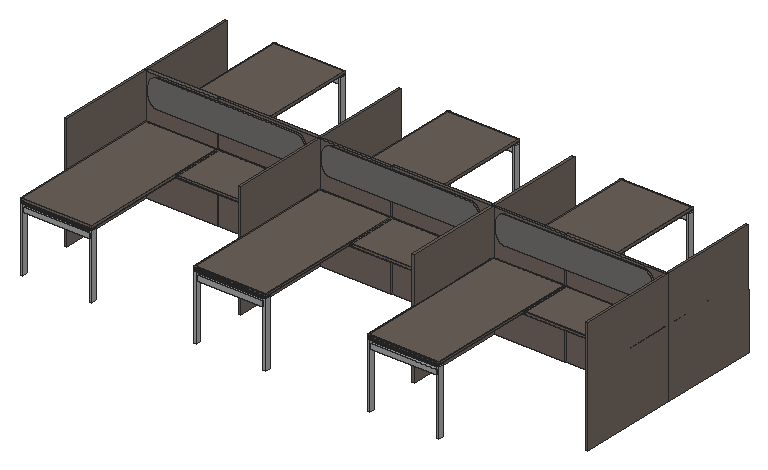
Revit family "T200179L", category Furniture, Revit 2015
Parameters (values of type "T200179")
  URL = "https://ofs.com/"
  Staks Support H Leg = STACKS PAINT
  Staks Spine or Divider Wall = STAKS SURFACE LG
  Staks Rectangular Worksurface = STAKS SURFACE EDGE
  Staks Rectangular Surface = STAKS SURFACE LG
  Staks Fabric Tackboard = STAKS FABRIC TACKBOARD
  Model = "T200179"
  Manufacturer = "OFS"
  Description = "OFS TYPICAL T200179"
  Copyright © = "©OFS 2020"
  Catalog = ""
  Authoring Version = "Autodesk Revit Architecture 2015"
  Assembly Code = "E2020400"
Reference planes (m)
  plane 1 "Center Front/Back": y = 0
  plane 2: z = 0
  plane 3 "Center Left/Right": x = 0
Dimensions and locks (m)
  aligned and locked: level to plane 2
Nested families (m)
  nested 1: "STAKS SUPPORT H LEG" at (-1.526906, -1.135429, 0) x (0, 1, 0) z (0, 0, 1), type "STAKS SUPPORT H LEG 30"
  nested 2: "STAKS RECTANGULAR WORKSURFACES Long Grain" at (0.179192, -0.508984, 0) x (-1, 0, 0) z (0, 0, 1), type "STAKS RECTANGULAR WORKSURFACE 42 x 22"
    with Height Above Floor 0.7366 m
  nested 3: "STAKS RECTANGULAR WORKSURFACES Worksurface Height" at (-1.887814, -1.771825, 0) x (0, 1, 0) z (0, 0, 1), type "STAKS RECTANGULAR WORKSURFACE 66 x 30"
  nested 4: "STAKS WORKSURFACE HEIGHT PEDESTAL - BOX-BOX-FILE - NO RISER SUPPORT" at (-0.744938, -0.471342, 0), type "STAKS WORKSURFACE HEIGHT PEDESTAL - BOX-BOX-FILE - NO RISER SUPPORT 19in D"
  nested 5: "STAKS SPINE OR DIVIDER WALL 48in" at (-2.032947, 0.168366, 0), type "STAKS SPINE OR DIVIDER WALL 48in X 30in"
    with Height Above Floor 1.2192 m
  nested 6: "STAKS SPINE OR DIVIDER WALL 48in" at (0.179422, 0.174148, 0) x (-1, 0, 0) z (0, 0, 1), type "STAKS SPINE OR DIVIDER WALL 48in X 42in"
    with Height Above Floor 1.2192 m
  nested 7: "STAKS SPINE OR DIVIDER WALL 48in" at (-1.913025, -1.149483, 0) x (0, 1, 0) z (0, 0, 1), type "STAKS SPINE OR DIVIDER WALL 48in X 42in"
    with Height Above Floor 1.2192 m
  nested 8: "STAKS BENCHING 4 X 4 CLAMP PLATE" at (-0.660127, -0.124655, 0), type "STAKS BENCHING 4 X 4 CLAMP PLATE"
  nested 9: "STAKS BENCHING 4 X 4 CLAMP PLATE" at (-0.660127, -0.344733, 0), type "STAKS BENCHING 4 X 4 CLAMP PLATE"
  nested 10: "STAKS BENCHING CANTILEVER WORKSURFACE BRACKET - OPEN" at (-0.450143, 0.023218, 0), type "CANTILEVER WORKSURFACE BRACKET - OPEN 22in"
  nested 11: "STAKS BENCHING CANTILEVER WORKSURFACE BRACKET - OPEN" at (-1.768206, -0.362313, 0) x (0, 1, 0) z (0, 0, 1), type "CANTILEVER WORKSURFACE BRACKET - OPEN 30in"
  nested 12: "STAKS SPINE OR DIVIDER WALL 48in" at (-0.059275, -1.149483, 0) x (0, 1, 0) z (0, 0, 1), type "STAKS SPINE OR DIVIDER WALL 48in X 42in"
    with Height Above Floor 1.2192 m
  nested 13: "STAKS BENCHING CANTILEVER WORKSURFACE BRACKET - MINI CONCEALED" at (-0.958511, 0.023218, 0), type "STAKS CANTILEVER WORKSURFACE BRACKET - MINI CONCEALED"
  nested 14: "STAKS BENCHING CANTILEVER WORKSURFACE BRACKET - MINI CONCEALED" at (-1.768206, 0.343949, 0) x (0, 1, 0) z (0, 0, 1), type "STAKS CANTILEVER WORKSURFACE BRACKET - MINI CONCEALED"
  nested 15: "STAKS SUPPORT H LEG" at (-1.526906, 1.353857, 0) x (0, -1, 0) z (0, 0, 1), type "STAKS SUPPORT H LEG 30"
  nested 16: "STAKS RECTANGULAR WORKSURFACES Long Grain" at (0.179192, 0.727412, 0) x (-1, 0, 0) z (0, 0, 1), type "STAKS RECTANGULAR WORKSURFACE 42 x 22"
    with Height Above Floor 0.7366 m
  nested 17: "STAKS RECTANGULAR WORKSURFACES Worksurface Height" at (-1.887814, 1.990253, 0) x (0, -1, 0) z (0, 0, 1), type "STAKS RECTANGULAR WORKSURFACE 66 x 30"
  nested 18: "STAKS WORKSURFACE HEIGHT PEDESTAL - BOX-BOX-FILE - NO RISER SUPPORT" at (-0.744938, 0.68977, 0), type "STAKS WORKSURFACE HEIGHT PEDESTAL - BOX-BOX-FILE - NO RISER SUPPORT 19in D"
  nested 19: "STAKS SPINE OR DIVIDER WALL 48in" at (-1.913025, 1.367911, 0) x (0, -1, 0) z (0, 0, 1), type "STAKS SPINE OR DIVIDER WALL 48in X 42in"
    with Height Above Floor 1.2192 m
  nested 20: "STAKS BENCHING 4 X 4 CLAMP PLATE" at (-0.660127, 0.343083, 0), type "STAKS BENCHING 4 X 4 CLAMP PLATE"
  nested 21: "STAKS BENCHING 4 X 4 CLAMP PLATE" at (-0.660127, 0.563161, 0), type "STAKS BENCHING 4 X 4 CLAMP PLATE"
  nested 22: "STAKS BENCHING CANTILEVER WORKSURFACE BRACKET - OPEN" at (-0.40614, 0.19521, 0), type "CANTILEVER WORKSURFACE BRACKET - OPEN 22in"
  nested 23: "STAKS BENCHING CANTILEVER WORKSURFACE BRACKET - OPEN" at (-1.768206, 0.580741, 0) x (0, -1, 0) z (0, 0, 1), type "CANTILEVER WORKSURFACE BRACKET - OPEN 30in"
  nested 24: "STAKS SPINE OR DIVIDER WALL 48in" at (-0.059275, 1.367911, 0) x (0, -1, 0) z (0, 0, 1), type "STAKS SPINE OR DIVIDER WALL 48in X 42in"
    with Height Above Floor 1.2192 m
  nested 25: "STAKS BENCHING CANTILEVER WORKSURFACE BRACKET - MINI CONCEALED" at (-0.958511, 0.19521, 0), type "STAKS CANTILEVER WORKSURFACE BRACKET - MINI CONCEALED"
  nested 26: "STAKS BENCHING CANTILEVER WORKSURFACE BRACKET - MINI CONCEALED" at (-1.768206, -0.125521, 0) x (0, -1, 0) z (0, 0, 1), type "STAKS CANTILEVER WORKSURFACE BRACKET - MINI CONCEALED"
  nested 27: "STAKS SUPPORT H LEG" at (0.326844, -1.135429, 0) x (0, 1, 0) z (0, 0, 1), type "STAKS SUPPORT H LEG 30"
  nested 28: "STAKS RECTANGULAR WORKSURFACES Long Grain" at (2.032942, -0.508984, 0) x (-1, 0, 0) z (0, 0, 1), type "STAKS RECTANGULAR WORKSURFACE 42 x 22"
    with Height Above Floor 0.7366 m
  nested 29: "STAKS RECTANGULAR WORKSURFACES Worksurface Height" at (-0.034064, -1.771825, 0) x (0, 1, 0) z (0, 0, 1), type "STAKS RECTANGULAR WORKSURFACE 66 x 30"
  nested 30: "STAKS WORKSURFACE HEIGHT PEDESTAL - BOX-BOX-FILE - NO RISER SUPPORT" at (1.108812, -0.471342, 0), type "STAKS WORKSURFACE HEIGHT PEDESTAL - BOX-BOX-FILE - NO RISER SUPPORT 19in D"
  nested 31: "STAKS SPINE OR DIVIDER WALL 48in" at (-0.179197, 0.168366, 0), type "STAKS SPINE OR DIVIDER WALL 48in X 30in"
    with Height Above Floor 1.2192 m
  nested 32: "STAKS SPINE OR DIVIDER WALL 48in" at (2.033172, 0.174148, 0) x (-1, 0, 0) z (0, 0, 1), type "STAKS SPINE OR DIVIDER WALL 48in X 42in"
    with Height Above Floor 1.2192 m
  nested 33: "STAKS BENCHING 4 X 4 CLAMP PLATE" at (1.193623, -0.124655, 0), type "STAKS BENCHING 4 X 4 CLAMP PLATE"
  nested 34: "STAKS BENCHING 4 X 4 CLAMP PLATE" at (1.193623, -0.344733, 0), type "STAKS BENCHING 4 X 4 CLAMP PLATE"
  nested 35: "STAKS BENCHING CANTILEVER WORKSURFACE BRACKET - OPEN" at (1.576107, 0.023218, 0), type "CANTILEVER WORKSURFACE BRACKET - OPEN 22in"
  nested 36: "STAKS BENCHING CANTILEVER WORKSURFACE BRACKET - OPEN" at (0.085544, -0.362313, 0) x (0, 1, 0) z (0, 0, 1), type "CANTILEVER WORKSURFACE BRACKET - OPEN 30in"
  nested 37: "STAKS SPINE OR DIVIDER WALL 48in" at (1.794475, -1.149483, 0) x (0, 1, 0) z (0, 0, 1), type "STAKS SPINE OR DIVIDER WALL 48in X 42in"
    with Height Above Floor 1.2192 m
  nested 38: "STAKS BENCHING CANTILEVER WORKSURFACE BRACKET - MINI CONCEALED" at (0.895239, 0.023218, 0), type "STAKS CANTILEVER WORKSURFACE BRACKET - MINI CONCEALED"
  nested 39: "STAKS BENCHING CANTILEVER WORKSURFACE BRACKET - MINI CONCEALED" at (0.085544, 0.343949, 0) x (0, 1, 0) z (0, 0, 1), type "STAKS CANTILEVER WORKSURFACE BRACKET - MINI CONCEALED"
  nested 40: "STAKS SUPPORT H LEG" at (0.326844, 1.353857, 0) x (0, -1, 0) z (0, 0, 1), type "STAKS SUPPORT H LEG 30"
  nested 41: "STAKS RECTANGULAR WORKSURFACES Long Grain" at (2.032942, 0.727412, 0) x (-1, 0, 0) z (0, 0, 1), type "STAKS RECTANGULAR WORKSURFACE 42 x 22"
    with Height Above Floor 0.7366 m
  nested 42: "STAKS RECTANGULAR WORKSURFACES Worksurface Height" at (-0.034064, 1.990253, 0) x (0, -1, 0) z (0, 0, 1), type "STAKS RECTANGULAR WORKSURFACE 66 x 30"
  nested 43: "STAKS WORKSURFACE HEIGHT PEDESTAL - BOX-BOX-FILE - NO RISER SUPPORT" at (1.108812, 0.68977, 0), type "STAKS WORKSURFACE HEIGHT PEDESTAL - BOX-BOX-FILE - NO RISER SUPPORT 19in D"
  nested 44: "STAKS BENCHING 4 X 4 CLAMP PLATE" at (1.193623, 0.343083, 0), type "STAKS BENCHING 4 X 4 CLAMP PLATE"
  nested 45: "STAKS BENCHING 4 X 4 CLAMP PLATE" at (1.193623, 0.563161, 0), type "STAKS BENCHING 4 X 4 CLAMP PLATE"
  nested 46: "STAKS BENCHING CANTILEVER WORKSURFACE BRACKET - OPEN" at (1.438312, 0.19521, -0.003175), type "CANTILEVER WORKSURFACE BRACKET - OPEN 22in"
  nested 47: "STAKS BENCHING CANTILEVER WORKSURFACE BRACKET - OPEN" at (0.085544, 0.580741, 0) x (0, -1, 0) z (0, 0, 1), type "CANTILEVER WORKSURFACE BRACKET - OPEN 30in"
  nested 48: "STAKS SPINE OR DIVIDER WALL 48in" at (1.794475, 1.367911, 0) x (0, -1, 0) z (0, 0, 1), type "STAKS SPINE OR DIVIDER WALL 48in X 42in"
    with Height Above Floor 1.2192 m
  nested 49: "STAKS BENCHING CANTILEVER WORKSURFACE BRACKET - MINI CONCEALED" at (0.895239, 0.19521, 0), type "STAKS CANTILEVER WORKSURFACE BRACKET - MINI CONCEALED"
  nested 50: "STAKS BENCHING CANTILEVER WORKSURFACE BRACKET - MINI CONCEALED" at (0.085544, -0.125521, 0) x (0, -1, 0) z (0, 0, 1), type "STAKS CANTILEVER WORKSURFACE BRACKET - MINI CONCEALED"
  nested 51: "STAKS FABRIC TACKBOARD WITH ROUNDED CORNERS FOR SPINE OR DIVIDER WALL" at (-1.995036, 0.138233, 0.142578), type "STAKS FABRIC TACKBOARD WITH ROUNDED CORNERS FOR SPINE OR DIVIDER WALL 18H x 49-73.9375W."
    with Height Above Floor 1.0541 m
  nested 52: "STAKS FABRIC TACKBOARD WITH ROUNDED CORNERS FOR SPINE OR DIVIDER WALL" at (-1.935919, 0.080195, 0.142578), type "STAKS FABRIC TACKBOARD WITH ROUNDED CORNERS FOR SPINE OR DIVIDER WALL 18H x 49-73.9375W."
    with Height Above Floor 1.0541 m
  nested 53: "STAKS FABRIC TACKBOARD WITH ROUNDED CORNERS FOR SPINE OR DIVIDER WALL" at (-0.14191, 0.138233, 0.142578), type "STAKS FABRIC TACKBOARD WITH ROUNDED CORNERS FOR SPINE OR DIVIDER WALL 18H x 49-73.9375W."
    with Height Above Floor 1.0541 m
  nested 54: "STAKS FABRIC TACKBOARD WITH ROUNDED CORNERS FOR SPINE OR DIVIDER WALL" at (-0.09691, 0.080195, 0.142578), type "STAKS FABRIC TACKBOARD WITH ROUNDED CORNERS FOR SPINE OR DIVIDER WALL 18H x 49-73.9375W."
    with Height Above Floor 1.0541 m
  nested 55: "STAKS SUPPORT H LEG" at (2.180594, -1.135429, 0) x (0, 1, 0) z (0, 0, 1), type "STAKS SUPPORT H LEG 30"
  nested 56: "STAKS RECTANGULAR WORKSURFACES Long Grain" at (3.886692, -0.508984, 0) x (-1, 0, 0) z (0, 0, 1), type "STAKS RECTANGULAR WORKSURFACE 42 x 22"
    with Height Above Floor 0.7366 m
  nested 57: "STAKS RECTANGULAR WORKSURFACES Worksurface Height" at (1.819686, -1.771825, 0) x (0, 1, 0) z (0, 0, 1), type "STAKS RECTANGULAR WORKSURFACE 66 x 30"
  nested 58: "STAKS WORKSURFACE HEIGHT PEDESTAL - BOX-BOX-FILE - NO RISER SUPPORT" at (2.962562, -0.471342, 0), type "STAKS WORKSURFACE HEIGHT PEDESTAL - BOX-BOX-FILE - NO RISER SUPPORT 19in D"
  nested 59: "STAKS SPINE OR DIVIDER WALL 48in" at (1.674553, 0.168366, 0), type "STAKS SPINE OR DIVIDER WALL 48in X 30in"
    with Height Above Floor 1.2192 m
  nested 60: "STAKS SPINE OR DIVIDER WALL 48in" at (3.886922, 0.174148, 0) x (-1, 0, 0) z (0, 0, 1), type "STAKS SPINE OR DIVIDER WALL 48in X 42in"
    with Height Above Floor 1.2192 m
  nested 61: "STAKS BENCHING 4 X 4 CLAMP PLATE" at (3.047373, -0.124655, 0), type "STAKS BENCHING 4 X 4 CLAMP PLATE"
  nested 62: "STAKS BENCHING 4 X 4 CLAMP PLATE" at (3.047373, -0.344733, 0), type "STAKS BENCHING 4 X 4 CLAMP PLATE"
  nested 63: "STAKS BENCHING CANTILEVER WORKSURFACE BRACKET - OPEN" at (3.429857, 0.023218, 0), type "CANTILEVER WORKSURFACE BRACKET - OPEN 22in"
  nested 64: "STAKS BENCHING CANTILEVER WORKSURFACE BRACKET - OPEN" at (1.939294, -0.362313, 0) x (0, 1, 0) z (0, 0, 1), type "CANTILEVER WORKSURFACE BRACKET - OPEN 30in"
  nested 65: "STAKS SPINE OR DIVIDER WALL 48in" at (3.648225, -1.149483, 0) x (0, 1, 0) z (0, 0, 1), type "STAKS SPINE OR DIVIDER WALL 48in X 42in"
    with Height Above Floor 1.2192 m
  nested 66: "STAKS BENCHING CANTILEVER WORKSURFACE BRACKET - MINI CONCEALED" at (2.748989, 0.023218, 0), type "STAKS CANTILEVER WORKSURFACE BRACKET - MINI CONCEALED"
  nested 67: "STAKS BENCHING CANTILEVER WORKSURFACE BRACKET - MINI CONCEALED" at (1.939294, 0.343949, 0) x (0, 1, 0) z (0, 0, 1), type "STAKS CANTILEVER WORKSURFACE BRACKET - MINI CONCEALED"
  nested 68: "STAKS SUPPORT H LEG" at (2.180594, 1.353857, 0) x (0, -1, 0) z (0, 0, 1), type "STAKS SUPPORT H LEG 30"
  nested 69: "STAKS RECTANGULAR WORKSURFACES Long Grain" at (3.886692, 0.727412, 0) x (-1, 0, 0) z (0, 0, 1), type "STAKS RECTANGULAR WORKSURFACE 42 x 22"
    with Height Above Floor 0.7366 m
  nested 70: "STAKS RECTANGULAR WORKSURFACES Worksurface Height" at (1.819686, 1.990253, 0) x (0, -1, 0) z (0, 0, 1), type "STAKS RECTANGULAR WORKSURFACE 66 x 30"
  nested 71: "STAKS WORKSURFACE HEIGHT PEDESTAL - BOX-BOX-FILE - NO RISER SUPPORT" at (2.962562, 0.68977, 0), type "STAKS WORKSURFACE HEIGHT PEDESTAL - BOX-BOX-FILE - NO RISER SUPPORT 19in D"
  nested 72: "STAKS BENCHING 4 X 4 CLAMP PLATE" at (3.047373, 0.343083, 0), type "STAKS BENCHING 4 X 4 CLAMP PLATE"
  nested 73: "STAKS BENCHING 4 X 4 CLAMP PLATE" at (3.047373, 0.563161, 0), type "STAKS BENCHING 4 X 4 CLAMP PLATE"
  nested 74: "STAKS BENCHING CANTILEVER WORKSURFACE BRACKET - OPEN" at (3.293448, 0.19521, -0.003359), type "CANTILEVER WORKSURFACE BRACKET - OPEN 22in"
  nested 75: "STAKS BENCHING CANTILEVER WORKSURFACE BRACKET - OPEN" at (1.939294, 0.580741, 0) x (0, -1, 0) z (0, 0, 1), type "CANTILEVER WORKSURFACE BRACKET - OPEN 30in"
  nested 76: "STAKS SPINE OR DIVIDER WALL 48in" at (3.648225, 1.367911, 0) x (0, -1, 0) z (0, 0, 1), type "STAKS SPINE OR DIVIDER WALL 48in X 42in"
    with Height Above Floor 1.2192 m
  nested 77: "STAKS BENCHING CANTILEVER WORKSURFACE BRACKET - MINI CONCEALED" at (2.748989, 0.19521, 0), type "STAKS CANTILEVER WORKSURFACE BRACKET - MINI CONCEALED"
  nested 78: "STAKS BENCHING CANTILEVER WORKSURFACE BRACKET - MINI CONCEALED" at (1.939294, -0.125521, 0) x (0, -1, 0) z (0, 0, 1), type "STAKS CANTILEVER WORKSURFACE BRACKET - MINI CONCEALED"
  nested 79: "STAKS FABRIC TACKBOARD WITH ROUNDED CORNERS FOR SPINE OR DIVIDER WALL" at (1.71184, 0.138233, 0.142578), type "STAKS FABRIC TACKBOARD WITH ROUNDED CORNERS FOR SPINE OR DIVIDER WALL 18H x 49-73.9375W."
    with Height Above Floor 1.0541 m
  nested 80: "STAKS FABRIC TACKBOARD WITH ROUNDED CORNERS FOR SPINE OR DIVIDER WALL" at (1.75684, 0.080195, 0.142578), type "STAKS FABRIC TACKBOARD WITH ROUNDED CORNERS FOR SPINE OR DIVIDER WALL 18H x 49-73.9375W."
    with Height Above Floor 1.0541 m
Definition of nested family "STAKS SUPPORT H LEG"
  Parameters (values of type "STAKS SUPPORT H LEG 30")
    URL = "http://www.ofs.com"
    Staks Support H Leg = none
    H LEG WIDTH = 0.762 m
    Model = "6-30HBA2"
    Manufacturer = "OFS"
    PANEL INSERT = no
    Description = "OFS STAKS SUPPORT H LEG 30\" Width, Use with 30\"D Worksurface (set of two)"
    Copyright © = "©OFS 2018"
    Catalog = "https://ofs.com/products/casegoods/private-office/staks"
    Authoring Version = "Autodesk Revit Architecture 2013"
    Assembly Code = ""
  Types (6, lengths in m): name | H LEG WIDTH | Model | PANEL INSERT | Description
    STAKS SUPPORT H LEG 22 | 0.5588 | "6-22HBA2" | no | "OFS STAKS SUPPORT H LEG 22\" Width, Use with 22\"D Worksurface (set of two)"
    STAKS SUPPORT H LEG 30 | 0.762 | "6-30HBA2" | no | "OFS STAKS SUPPORT H LEG 30\" Width, Use with 30\"D Worksurface (set of two)"
    STAKS SUPPORT H LEG 36 | 0.9144 | "6-36HBA1" | no | "OFS STAKS SUPPORT H LEG 36\" Width, Use with 36\"D Worksurface (single base)"
    STAKS SUPPORT WITH PANEL INSERT H LEG 22 | 0.5588 | "6-22HBPA2" | yes | "OFS STAKS SUPPORT WITH PANEL INSERT H LEG 22\" Width, Use with 22\"D Worksurface (set of two)"
    STAKS SUPPORT WITH PANEL INSERT H LEG 30 | 0.762 | "6-30HBPA2" | yes | "OFS STAKS SUPPORT WITH PANEL INSERT H LEG 30\" Width, Use with 30\"D Worksurface (set of two)"
    STAKS SUPPORT WITH PANEL INSERT H LEG 36 | 0.9144 | "6-36HBPA1" | yes | "OFS STAKS SUPPORT WITH PANEL INSERT H LEG 36\" Width, Use with 36\"D Worksurface (single base)"
  Reference planes (m)
    plane 1: z = 0
    plane 2 "Center (Front/Back)": y = -0.066666
    plane 3 "Center (Left/Right)": x = -0.4445
    plane 4 "H LEG TOP": z = 0.695325
    plane 5: x = -0.3937
    plane 6: x = -0.3429
    plane 7: y = -0.447666
    plane 8: y = 0.314334
    plane 9: z = 0.690397
    plane 10: y = 0.288934
    plane 11: y = -0.422266
    plane 12: z = 0.655472
    plane 13: z = 0.604672
    plane 14: x = -0.4191
    plane 15: x = -0.40005
    plane 16: z = 0.636422
  Forms (m)
    Extrusion 1, solid, material <- "Staks Support H Leg"
      sketch origin (0, 0, 0.695325) x (0, -1, 0) y (1, 0, 0)
        loop
          line (-0.314334, -0.3937) -> (-0.314334, -0.4445) -> (0.447666, -0.4445) -> (0.447666, -0.3937) -> (0.422266, -0.3937) -> (0.392937, -0.3429) -> (-0.259604, -0.3429) -> (-0.288934, -0.3937) -> (-0.314334, -0.3937)
      from -0.004928 to 0
    Extrusion 2, solid, material <- "Staks Support H Leg"
      sketch origin (0, 0, 0.695325) x (0, -1, 0) y (1, 0, 0)
        loop
          line (-0.288934, -0.3937) -> (-0.314334, -0.3937) -> (-0.314334, -0.4445) -> (-0.288934, -0.4445) -> (-0.288934, -0.3937)
      from -0.695325 to -0.004928
    Extrusion 3, solid, material <- "Staks Support H Leg"
      sketch origin (0, 0, 0.695325) x (0, -1, 0) y (1, 0, 0)
        loop
          line (0.422266, -0.4445) -> (0.447666, -0.4445) -> (0.447666, -0.3937) -> (0.422266, -0.3937) -> (0.422266, -0.4445)
      from -0.695325 to -0.004928
    Extrusion 4, solid, material <- "Staks Support H Leg"
      sketch origin (0, -0.031741, 0) x (1, 0, 0) y (0, 0, 1)
        loop
          line (-0.4191, 0.655472) -> (-0.4445, 0.655472) -> (-0.4445, 0.604672) -> (-0.4191, 0.604672) -> (-0.4191, 0.655472)
      from -0.320675 to 0.390525
    Extrusion 5, solid, visible <- "PANEL INSERT"
      sketch origin (0, -0.031741, 0) x (1, 0, 0) y (0, 0, 1)
        loop
          line (-0.40005, 0.636422) -> (-0.4191, 0.636422) -> (-0.4191, 0) -> (-0.40005, 0) -> (-0.40005, 0.636422)
      from -0.320675 to 0.390525
  Lines and regions (m)
    Masking region 1
      outline origin (0, 0, 0.695325) x (0, -1, 0) y (1, 0, 0)
        loop
          line (0.422266, -0.3937) -> (0.392937, -0.3429) -> (-0.259604, -0.3429) -> (-0.288934, -0.3937) -> (-0.288934, -0.4445) -> (0.422266, -0.4445) -> (0.422266, -0.3937)
    Masking region 2
      outline origin (0, 0, 0.695325) x (0, -1, 0) y (1, 0, 0)
        loop
          line (-0.288934, -0.3937) -> (-0.314334, -0.3937) -> (-0.314334, -0.4445) -> (-0.288934, -0.4445) -> (-0.288934, -0.3937)
    Masking region 3
      outline origin (0, 0, 0.695325) x (0, -1, 0) y (1, 0, 0)
        loop
          line (0.447666, -0.3937) -> (0.422266, -0.3937) -> (0.422266, -0.4445) -> (0.447666, -0.4445) -> (0.447666, -0.3937)
    Masking region 4, visible <- "PANEL INSERT"
      outline origin (0, 0, 0.695325) x (0, -1, 0) y (1, 0, 0)
        loop
          line (-0.288934, -0.40005) -> (-0.288934, -0.4191) -> (0.422266, -0.4191) -> (0.422266, -0.40005) -> (-0.288934, -0.40005)
  Dimensions and locks (m)
    locked: plane 4 "H LEG TOP" to plane 1 at 0.695325
    plane 3 "Center (Left/Right)" to plane 5 to plane 6 = 0.0508 m locked, 0.0508 m locked
    equal spacing: plane 7, plane 2 "Center (Front/Back)", plane 8
    "H LEG WIDTH": plane 7 to plane 8
    locked: plane 4 "H LEG TOP" to plane 9 at 0.004928
    locked: plane 10 to plane 8 at 0.0254
    locked: plane 7 to plane 11 at 0.0254
    locked: plane 9 to plane 12 at 0.034925
    locked: plane 12 to plane 13 at 0.0508
    locked: plane 14 to plane 3 "Center (Left/Right)" at 0.0254
    locked: plane 9 to plane 16 at 0.053975
    locked: plane 15 to plane 3 "Center (Left/Right)" at 0.04445
    locked: Extrusion 1 sketch curve to Extrusion 1 sketch curve (angle 120.00°)  (x2)
    aligned and locked: level to plane 1
    aligned and locked: plane 9 to Extrusion 1
    aligned and locked: Extrusion 1 to plane 4 "H LEG TOP"
    aligned and locked: Extrusion 1 to plane 8
    aligned and locked: plane 7 to Extrusion 1
    aligned and locked: Extrusion 1 sketch curve to plane 3 "Center (Left/Right)"
    aligned and locked: Extrusion 1 sketch curve to plane 8
    aligned and locked: Extrusion 1 sketch curve to plane 5
    aligned and locked: Extrusion 1 sketch curve to plane 6
    aligned and locked: plane 5 to Extrusion 1 sketch curve
    aligned and locked: plane 7 to Extrusion 1 sketch curve
    aligned and locked: Extrusion 3 to plane 1
    aligned and locked: Extrusion 3 to plane 9
    aligned and locked: Extrusion 2 to plane 9
    aligned and locked: Extrusion 2 to plane 1
    aligned and locked: Extrusion 2 sketch curve to plane 8
    aligned and locked: plane 5 to Extrusion 2 sketch curve
    aligned and locked: Extrusion 2 sketch curve to plane 3 "Center (Left/Right)"
    aligned and locked: plane 10 to Extrusion 2 sketch curve
    aligned and locked: plane 7 to Extrusion 3 sketch curve
    aligned and locked: plane 5 to Extrusion 3 sketch curve
    aligned and locked: Extrusion 3 sketch curve to plane 11
    aligned and locked: Extrusion 3 sketch curve to plane 3 "Center (Left/Right)"
    aligned and locked: Extrusion 4 sketch curve to plane 12
    aligned and locked: plane 13 to Extrusion 4 sketch curve
    aligned and locked: Extrusion 4 sketch curve to plane 3 "Center (Left/Right)"
    aligned and locked: plane 14 to Extrusion 4 sketch curve
    aligned and locked: Extrusion 4 to plane 10
    aligned and locked: plane 11 to Extrusion 4
    aligned and locked: Extrusion 5 sketch curve to plane 16
    aligned and locked: Extrusion 5 sketch curve to plane 14
    aligned and locked: plane 15 to Extrusion 5 sketch curve
    aligned and locked: Extrusion 5 sketch curve to plane 1
    aligned and locked: Extrusion 5 to plane 16
    aligned and locked: Extrusion 5 to plane 1
    aligned and locked: plane 11 to Extrusion 5
    aligned and locked: Extrusion 5 to plane 10
  Automatic sketch dimensions
    Extrusion 1 sketch curve to Extrusion 1 sketch curve = 0.0254 m
    Extrusion 1 sketch curve to plane 7 = 0.0254 m
    Masking region 1 sketch curve to plane 5 = 0.00 m  (x2)
    Masking region 1 sketch curve to plane 6 = 0.00 m
    Masking region 1 sketch curve to plane 3 "Center (Left/Right)" = 0.00 m
    plane 8 to Masking region 1 sketch curve = 0.0254 m
    plane 8 to Masking region 1 sketch curve = 0.054729 m
    Masking region 1 sketch curve to plane 7 = 0.054729 m
    Masking region 1 sketch curve to plane 7 = 0.0254 m
    plane 8 to Masking region 2 sketch curve = 0.00 m
    Masking region 2 sketch curve to plane 3 "Center (Left/Right)" = 0.00 m
    Masking region 2 sketch curve to plane 5 = 0.00 m
    Masking region 2 sketch curve to Masking region 2 sketch curve = 0.0254 m
    Masking region 3 sketch curve to plane 3 "Center (Left/Right)" = 0.00 m
    plane 7 to Masking region 3 sketch curve = 0.00 m
    Masking region 3 sketch curve to plane 5 = 0.00 m
    Masking region 3 sketch curve to plane 7 = 0.0254 m
    plane 10 to Masking region 4 sketch curve = 0.00 m
    plane 11 to Masking region 4 sketch curve = 0.00 m
    Masking region 4 sketch curve to plane 14 = 0.00 m
    Masking region 4 sketch curve to plane 15 = 0.00 m
Definition of nested family "STAKS RECTANGULAR WORKSURFACES Long Grain"
  Parameters (values of type "STAKS RECTANGULAR WORKSURFACE 42 x 22")
    URL = "http://www.ofs.com/"
    Staks Rectangular Worksurface = none
    Height Above Floor [instance] = 0.7366 m
    Height = 0.028575 m
    Depth = 0.5588 m
    Model = "6-MCT-42/22"
    Manufacturer = "OFS"
    Description = "OFS STAKS 42 X 22 RECTANGULAR WORKSURFACE For Worksurface or Low Height Applications, Long Grain"
    Width = 1.0668 m
    Copyright © = "© 2018 OFS"
    Catalog = "https://ofs.com/products/casegoods/private-office/staks"
    Authoring Version = "Autodesk Revit Architecture 2013"
    Assembly Code = "E2020200"
  Types (26, lengths in m): name | Model | Description | Width
    STAKS RECTANGULAR WORKSURFACE 15.625 x 22 | "6-MCT-15.625/22" | "OFS STAKS 15.625 X 22 RECTANGULAR WORKSURFACE For Worksurface or Low Height Applications, Long Grain" | 0.396875
    STAKS RECTANGULAR WORKSURFACE 24 x 22 | "6-MCT-24/22" | "OFS STAKS 24 X 22 RECTANGULAR WORKSURFACE For Worksurface or Low Height Applications, Long Grain" | 0.6096
    STAKS RECTANGULAR WORKSURFACE 30 x 22 | "6-MCT-30/22" | "OFS STAKS 30 X 22 RECTANGULAR WORKSURFACE For Worksurface or Low Height Applications, Long Grain" | 0.762
    STAKS RECTANGULAR WORKSURFACE 34 x 22 | "6-MCT-34/22" | "OFS STAKS 34 X 22 RECTANGULAR WORKSURFACE For Worksurface or Low Height Applications, Long Grain" | 0.8636
    STAKS RECTANGULAR WORKSURFACE 36 x 22 | "6-MCT-36/22" | "OFS STAKS 36 X 22 RECTANGULAR WORKSURFACE For Worksurface or Low Height Applications, Long Grain" | 0.9144
    STAKS RECTANGULAR WORKSURFACE 42 x 22 | "6-MCT-42/22" | "OFS STAKS 42 X 22 RECTANGULAR WORKSURFACE For Worksurface or Low Height Applications, Long Grain" | 1.0668
    STAKS RECTANGULAR WORKSURFACE 46 x 22 | "6-MCT-46/22" | "OFS STAKS 46 X 22 RECTANGULAR WORKSURFACE For Worksurface or Low Height Applications, Long Grain" | 1.1684
    STAKS RECTANGULAR WORKSURFACE 48 x 22 | "6-MCT-48/22" | "OFS STAKS 48 X 22 RECTANGULAR WORKSURFACE For Worksurface or Low Height Applications, Long Grain" | 1.2192
    STAKS RECTANGULAR WORKSURFACE 48.5 x 22 | "6-MCT-48.5/22" | "OFS STAKS 48.5 X 22 RECTANGULAR WORKSURFACE For Worksurface or Low Height Applications, Long Grain" | 1.2319
    STAKS RECTANGULAR WORKSURFACE 54 x 22 | "6-MCT-54/22" | "OFS STAKS 54 X 22 RECTANGULAR WORKSURFACE For Worksurface or Low Height Applications, Long Grain" | 1.3716
    STAKS RECTANGULAR WORKSURFACE 55.5 x 22 | "6-MCT-55.5/22" | "OFS STAKS 55.5 X 22 RECTANGULAR WORKSURFACE For Worksurface or Low Height Applications, Long Grain" | 1.4097
    STAKS RECTANGULAR WORKSURFACE 59 x 22 | "6-MCT-59/22" | "OFS STAKS 59 X 22 RECTANGULAR WORKSURFACE For Worksurface or Low Height Applications, Long Grain" | 1.4986
    STAKS RECTANGULAR WORKSURFACE 60 x 22 | "6-MCT-60/22" | "OFS STAKS 60 X 22 RECTANGULAR WORKSURFACE For Worksurface or Low Height Applications, Long Grain" | 1.524
    STAKS RECTANGULAR WORKSURFACE 64 x 22 | "6-MCT-64/22" | "OFS STAKS 64 X 22 RECTANGULAR WORKSURFACE For Worksurface or Low Height Applications, Long Grain" | 1.6256
    STAKS RECTANGULAR WORKSURFACE 66 x 22 | "6-MCT-66/22" | "OFS STAKS 66 X 22 RECTANGULAR WORKSURFACE For Worksurface or Low Height Applications, Long Grain" | 1.6764
    STAKS RECTANGULAR WORKSURFACE 69.625 x 22 | "6-MCT-69.625/22" | "OFS STAKS 69.625 X 22 RECTANGULAR WORKSURFACE For Worksurface or Low Height Applications, Long Grain" | 1.768475
    STAKS RECTANGULAR WORKSURFACE 70.5 x 22 | "6-MCT-70.5/22" | "OFS STAKS 70.5 X 22 RECTANGULAR WORKSURFACE For Worksurface or Low Height Applications, Long Grain" | 1.7907
    STAKS RECTANGULAR WORKSURFACE 72 x 22 | "6-MCT-72/22" | "OFS STAKS 72 X 22 RECTANGULAR WORKSURFACE For Worksurface or Low Height Applications, Long Grain" | 1.8288
    STAKS RECTANGULAR WORKSURFACE 74 x 22 | "6-MCT-74/22" | "OFS STAKS 74 X 22 RECTANGULAR WORKSURFACE For Worksurface or Low Height Applications, Long Grain" | 1.8796
    STAKS RECTANGULAR WORKSURFACE 78 x 22 | "6-MCT-78/22" | "OFS STAKS 78 X 22 RECTANGULAR WORKSURFACE For Worksurface or Low Height Applications, Long Grain" | 1.9812
    STAKS RECTANGULAR WORKSURFACE 82.5 x 22 | "6-MCT-82.5/22" | "OFS STAKS 82.5 X 22 RECTANGULAR WORKSURFACE For Worksurface or Low Height Applications, Long Grain" | 2.0955
    STAKS RECTANGULAR WORKSURFACE 84 x 22 | "6-MCT-84/22" | "OFS STAKS 84 X 22 RECTANGULAR WORKSURFACE For Worksurface or Low Height Applications, Long Grain" | 2.1336
    STAKS RECTANGULAR WORKSURFACE 87.625 x 22 | "6-MCT-87.625/22" | "OFS STAKS 87.625 X 22 RECTANGULAR WORKSURFACE For Worksurface or Low Height Applications, Long Grain" | 2.225675
    STAKS RECTANGULAR WORKSURFACE 90 x 22 | "6-MCT-90/22" | "OFS STAKS 90 X 22 RECTANGULAR WORKSURFACE For Worksurface or Low Height Applications, Long Grain" | 2.286
    STAKS RECTANGULAR WORKSURFACE 94 x 22 | "6-MCT-94/22" | "OFS STAKS 94 X 22 RECTANGULAR WORKSURFACE For Worksurface or Low Height Applications, Long Grain" | 2.3876
    STAKS RECTANGULAR WORKSURFACE 96 x 22 | "6-MCT-96/22" | "OFS STAKS 96 X 22 RECTANGULAR WORKSURFACE For Worksurface or Low Height Applications, Long Grain" | 2.4384
  Reference planes (m)
    plane 1: z = -0.003175
    plane 2 "LEFT": x = 0.191897
    plane 3 "RIGHT": x = 1.258697
    plane 4 "BACK": y = -0.046575
    plane 5 "FRONT": y = -0.605375
    plane 6: x = 0.195072
    plane 7: x = 1.255522
    plane 8: y = -0.04975
    plane 9: y = -0.6022
    plane 10: z = 0.70485
    plane 11 "SURFACE TOP": z = 0.733425
  Forms (m)
    Extrusion 1, solid, material <- "Staks Rectangular Worksurface"
      sketch origin (0, 0, 0.434975) x (-1, 0, 0) y (0, -1, 0)
        loop
          line (-0.195072, 0.04975) -> (-0.195072, 0.6022) -> (-1.255522, 0.6022) -> (-1.255522, 0.04975) -> (-0.195072, 0.04975)
      from 0.29845 to 0.269875
    Sweep 2, solid
      path origin (0, 0, 0.733425) x (0, 1, 0) y (-1, 0, 0)
        loop
          line (-0.605375, -0.191897) -> (-0.605375, -1.258697) -> (-0.046575, -1.258697) -> (-0.046575, -0.191897) -> (-0.605375, -0.191897)
      profile origin (0.725297, -0.605375, 0.733425) x (0, 1, 0) y (0, 0, 1)
        loop
          arc (0.003175, 0) -> (0.00093, -0.00093) -> (0, -0.003175) r 0.003175
          line (0, -0.003175) -> (0, -0.0254)
          arc (0, -0.0254) -> (0.00093, -0.027645) -> (0.003175, -0.028575) r 0.003175
          line (0.003175, -0.028575) -> (0.003175, 0)
  Lines and regions (m)
    Masking region 1
      outline origin (0, 0, 0.422275) x (-1, 0, 0) y (0, -1, 0)
        loop
          line (-0.195072, 0.04975) -> (-0.191897, 0.046575) -> (-0.191897, 0.605375) -> (-0.195072, 0.6022) -> (-0.195072, 0.04975)
    Masking region 2
      outline origin (0, 0, 0.422275) x (-1, 0, 0) y (0, -1, 0)
        loop
          line (-0.191897, 0.046575) -> (-0.195072, 0.04975) -> (-1.255522, 0.04975) -> (-1.258697, 0.046575) -> (-0.191897, 0.046575)
    Masking region 3
      outline origin (0, 0, 0.422275) x (-1, 0, 0) y (0, -1, 0)
        loop
          line (-1.258697, 0.046575) -> (-1.255522, 0.04975) -> (-1.255522, 0.6022) -> (-1.258697, 0.605375) -> (-1.258697, 0.046575)
    Masking region 4
      outline origin (0, 0, 0.422275) x (-1, 0, 0) y (0, -1, 0)
        loop
          line (-1.258697, 0.605375) -> (-1.255522, 0.6022) -> (-0.195072, 0.6022) -> (-0.191897, 0.605375) -> (-1.258697, 0.605375)
    Masking region 5
      outline origin (0, 0, 0.422275) x (-1, 0, 0) y (0, -1, 0)
        loop
          line (-1.255522, 0.6022) -> (-1.255522, 0.04975) -> (-0.195072, 0.04975) -> (-0.195072, 0.6022) -> (-1.255522, 0.6022)
  Dimensions and locks (m)
    "Depth": plane 4 "BACK" to plane 5 "FRONT"
    "Width": plane 2 "LEFT" to plane 3 "RIGHT"
    "Height": plane 11 "SURFACE TOP" to plane 10
    locked: plane 4 "BACK" to plane 8 at 0.003175
    locked: plane 2 "LEFT" to plane 6 at 0.003175
    locked: plane 7 to plane 3 "RIGHT" at 0.003175
    locked: plane 9 to plane 5 "FRONT" at 0.003175
    "Height Above Floor": plane 11 "SURFACE TOP" to level
    aligned: level to plane 1
    aligned and locked: plane 8 to Extrusion 1 sketch curve
    aligned and locked: Extrusion 1 sketch curve to plane 6
    aligned and locked: Extrusion 1 sketch curve to plane 9
    aligned and locked: plane 7 to Extrusion 1 sketch curve
    aligned and locked: plane 11 "SURFACE TOP" to Extrusion 1
    aligned and locked: Extrusion 1 to plane 10
    aligned and locked: Sweep 2 sketch curve to plane 5 "FRONT"
    aligned and locked: Sweep 2 sketch curve to plane 2 "LEFT"
    aligned and locked: plane 4 "BACK" to Sweep 2 sketch curve
    aligned and locked: plane 3 "RIGHT" to Sweep 2 sketch curve
  Automatic sketch dimensions
    Masking region 1 sketch curve to plane 6 = 0.00 m
    Masking region 1 sketch curve to plane 2 "LEFT" = 0.00 m
    Masking region 1 sketch curve to plane 4 "BACK" = 0.00 m
    Masking region 1 sketch curve to plane 8 = 0.00 m
    Masking region 1 sketch curve to plane 9 = 0.00 m
    Masking region 1 sketch curve to plane 5 "FRONT" = 0.00 m
    Masking region 2 sketch curve to plane 3 "RIGHT" = 0.00 m
    Masking region 2 sketch curve to plane 7 = 0.00 m
    Masking region 2 sketch curve to plane 6 = 0.00 m
    Masking region 2 sketch curve to plane 2 "LEFT" = 0.00 m
    Masking region 2 sketch curve to plane 4 "BACK" = 0.00 m
    Masking region 2 sketch curve to plane 8 = 0.00 m
    Masking region 3 sketch curve to plane 3 "RIGHT" = 0.00 m
    Masking region 3 sketch curve to plane 7 = 0.00 m
    Masking region 3 sketch curve to plane 4 "BACK" = 0.00 m
    Masking region 3 sketch curve to plane 8 = 0.00 m
    Masking region 3 sketch curve to plane 9 = 0.00 m
    Masking region 3 sketch curve to plane 5 "FRONT" = 0.00 m
    Masking region 4 sketch curve to plane 3 "RIGHT" = 0.00 m
    Masking region 4 sketch curve to plane 7 = 0.00 m
    Masking region 4 sketch curve to plane 6 = 0.00 m
    Masking region 4 sketch curve to plane 2 "LEFT" = 0.00 m
    Masking region 4 sketch curve to plane 9 = 0.00 m
    Masking region 4 sketch curve to plane 5 "FRONT" = 0.00 m
    Masking region 5 sketch curve to plane 7 = 0.00 m
    Masking region 5 sketch curve to plane 6 = 0.00 m
    Masking region 5 sketch curve to plane 8 = 0.00 m
    Masking region 5 sketch curve to plane 9 = 0.00 m
    Sweep 2 sketch curve to profile plane = 0.00 m
    Sweep 2 sketch curve to plane 11 "SURFACE TOP" = 0.00 m
    Sweep 2 sketch curve to profile plane = 0.003175 m
    Sweep 2 sketch curve to Sweep 2 sketch curve = 0.022225 m
Definition of nested family "STAKS RECTANGULAR WORKSURFACES Worksurface Height"
  Parameters (values of type "STAKS RECTANGULAR WORKSURFACE 66 x 30")
    URL = "http://www.ofs.com/"
    Staks Rectangular Worksurface = none
    Height Above Floor [instance] = 0.7366 m
    Height = 0.028575 m
    Depth = 0.762 m
    Model = "6-MCT-66/30"
    Manufacturer = "OFS"
    Description = "OFS STAKS 66\" X 30\" RECTANGULAR WORKSURFACE For Worksurface or Low Height Applications, Short Grain"
    Width = 1.6764 m
    Copyright © = "© 2018 OFS"
    Catalog = "https://ofs.com/products/casegoods/private-office/staks"
    Authoring Version = "Autodesk Revit Architecture 2013"
    Assembly Code = "E2020200"
  Types (12, lengths in m): name | Depth | Model | Description | Width
    STAKS RECTANGULAR WORKSURFACE 60 x 30 | 0.762 | "6-MCT-60/30" | "OFS STAKS 60\" X 30\" RECTANGULAR WORKSURFACE For Worksurface or Low Height Applications, Short Grain" | 1.524
    STAKS RECTANGULAR WORKSURFACE 66 x 30 | 0.762 | "6-MCT-66/30" | "OFS STAKS 66\" X 30\" RECTANGULAR WORKSURFACE For Worksurface or Low Height Applications, Short Grain" | 1.6764
    STAKS RECTANGULAR WORKSURFACE 72 x 30 | 0.762 | "6-MCT-72/30" | "OFS STAKS 72\" X 30\" RECTANGULAR WORKSURFACE For Worksurface or Low Height Applications, Short Grain" | 1.8288
    STAKS RECTANGULAR WORKSURFACE 78 x 30 | 0.762 | "6-MCT-78/30" | "OFS STAKS 78\" X 30\" RECTANGULAR WORKSURFACE For Worksurface or Low Height Applications, Short Grain" | 1.9812
    STAKS RECTANGULAR WORKSURFACE 84 x 30 | 0.762 | "6-MCT-84/30" | "OFS STAKS 84\" X 30\" RECTANGULAR WORKSURFACE For Worksurface or Low Height Applications, Short Grain" | 2.1336
    STAKS RECTANGULAR WORKSURFACE 96 x 30 | 0.762 | "6-MCT-96/30" | "OFS STAKS 96\" X 30\" RECTANGULAR WORKSURFACE For Worksurface or Low Height Applications, Short Grain" | 2.4384
    STAKS RECTANGULAR WORKSURFACE 54 x 30 | 0.762 | "6-MCT-54/30" | "OFS STAKS 54\" X 30\" RECTANGULAR WORKSURFACE For Worksurface or Low Height Applications, Short Grain" | 1.3716
    STAKS RECTANGULAR WORKSURFACE 60 x 36 | 0.9144 | "6-MCT-60/36" | "OFS STAKS 60\" X 36\" RECTANGULAR WORKSURFACE For Worksurface or Low Height Applications, Short Grain" | 1.524
    STAKS RECTANGULAR WORKSURFACE 66 x 36 | 0.9144 | "6-MCT-66/36" | "OFS STAKS 66\" X 36\" RECTANGULAR WORKSURFACE For Worksurface or Low Height Applications, Short Grain" | 1.6764
    STAKS RECTANGULAR WORKSURFACE 72 x 36 | 0.9144 | "6-MCT-72/36" | "OFS STAKS 72\" X 36\" RECTANGULAR WORKSURFACE For Worksurface or Low Height Applications, Short Grain" | 1.8288
    STAKS RECTANGULAR WORKSURFACE 78 x 36 | 0.9144 | "6-MCT-78/36" | "OFS STAKS 78\" X 36\" RECTANGULAR WORKSURFACE For Worksurface or Low Height Applications, Short Grain" | 1.9812
    STAKS RECTANGULAR WORKSURFACE 84 x 36 | 0.9144 | "6-MCT-84/36" | "OFS STAKS 84\" X 36\" RECTANGULAR WORKSURFACE For Worksurface or Low Height Applications, Short Grain" | 2.1336
  Reference planes (m)
    plane 1: z = -0.003175
    plane 2 "LEFT": x = 0.191897
    plane 3 "RIGHT": x = 1.868297
    plane 4 "BACK": y = -0.046575
    plane 5 "FRONT": y = -0.808575
    plane 6: x = 0.195072
    plane 7: x = 1.865122
    plane 8: y = -0.04975
    plane 9: y = -0.8054
    plane 10: z = 0.70485
    plane 11 "SURFACE TOP": z = 0.733425
  Forms (m)
    Extrusion 1, solid
      sketch origin (0, 0, 0.434975) x (-1, 0, 0) y (0, -1, 0)
        loop
          line (-0.195072, 0.04975) -> (-0.195072, 0.8054) -> (-1.865122, 0.8054) -> (-1.865122, 0.04975) -> (-0.195072, 0.04975)
      from 0.29845 to 0.269875
    Sweep 2, solid, material <- "Staks Rectangular Worksurface"
      path origin (0, 0, 0.733425) x (0, 1, 0) y (-1, 0, 0)
        loop
          line (-0.808575, -0.191897) -> (-0.808575, -1.868297) -> (-0.046575, -1.868297) -> (-0.046575, -0.191897) -> (-0.808575, -0.191897)
      profile origin (1.030097, -0.808575, 0.733425) x (0, 1, 0) y (0, 0, 1)
        loop
          arc (0.003175, 0) -> (0.00093, -0.00093) -> (0, -0.003175) r 0.003175
          line (0, -0.003175) -> (0, -0.0254)
          arc (0, -0.0254) -> (0.00093, -0.027645) -> (0.003175, -0.028575) r 0.003175
          line (0.003175, -0.028575) -> (0.003175, 0)
  Lines and regions (m)
    Masking region 1
      outline origin (0, 0, 0.422275) x (-1, 0, 0) y (0, -1, 0)
        loop
          line (-0.195072, 0.04975) -> (-0.191897, 0.046575) -> (-0.191897, 0.808575) -> (-0.195072, 0.8054) -> (-0.195072, 0.04975)
    Masking region 2
      outline origin (0, 0, 0.422275) x (-1, 0, 0) y (0, -1, 0)
        loop
          line (-0.191897, 0.046575) -> (-0.195072, 0.04975) -> (-1.865122, 0.04975) -> (-1.868297, 0.046575) -> (-0.191897, 0.046575)
    Masking region 3
      outline origin (0, 0, 0.422275) x (-1, 0, 0) y (0, -1, 0)
        loop
          line (-1.868297, 0.046575) -> (-1.865122, 0.04975) -> (-1.865122, 0.8054) -> (-1.868297, 0.808575) -> (-1.868297, 0.046575)
    Masking region 4
      outline origin (0, 0, 0.422275) x (-1, 0, 0) y (0, -1, 0)
        loop
          line (-1.868297, 0.808575) -> (-1.865122, 0.8054) -> (-0.195072, 0.8054) -> (-0.191897, 0.808575) -> (-1.868297, 0.808575)
    Masking region 5
      outline origin (0, 0, 0.422275) x (-1, 0, 0) y (0, -1, 0)
        loop
          line (-1.865122, 0.8054) -> (-1.865122, 0.04975) -> (-0.195072, 0.04975) -> (-0.195072, 0.8054) -> (-1.865122, 0.8054)
  Dimensions and locks (m)
    "Depth": plane 4 "BACK" to plane 5 "FRONT"
    "Width": plane 2 "LEFT" to plane 3 "RIGHT"
    "Height": plane 11 "SURFACE TOP" to plane 10
    locked: plane 4 "BACK" to plane 8 at 0.003175
    locked: plane 2 "LEFT" to plane 6 at 0.003175
    locked: plane 7 to plane 3 "RIGHT" at 0.003175
    locked: plane 9 to plane 5 "FRONT" at 0.003175
    "Height Above Floor": plane 11 "SURFACE TOP" to level
    aligned: level to plane 1
    aligned and locked: plane 8 to Extrusion 1 sketch curve
    aligned and locked: Extrusion 1 sketch curve to plane 6
    aligned and locked: Extrusion 1 sketch curve to plane 9
    aligned and locked: plane 7 to Extrusion 1 sketch curve
    aligned and locked: plane 11 "SURFACE TOP" to Extrusion 1
    aligned and locked: Extrusion 1 to plane 10
    aligned and locked: Sweep 2 sketch curve to plane 5 "FRONT"
    aligned and locked: Sweep 2 sketch curve to plane 2 "LEFT"
    aligned and locked: plane 4 "BACK" to Sweep 2 sketch curve
    aligned and locked: plane 3 "RIGHT" to Sweep 2 sketch curve
  Automatic sketch dimensions
    Masking region 1 sketch curve to plane 6 = 0.00 m
    Masking region 1 sketch curve to plane 2 "LEFT" = 0.00 m
    Masking region 1 sketch curve to plane 4 "BACK" = 0.00 m
    Masking region 1 sketch curve to plane 8 = 0.00 m
    Masking region 1 sketch curve to plane 9 = 0.00 m
    Masking region 1 sketch curve to plane 5 "FRONT" = 0.00 m
    Masking region 2 sketch curve to plane 3 "RIGHT" = 0.00 m
    Masking region 2 sketch curve to plane 7 = 0.00 m
    Masking region 2 sketch curve to plane 6 = 0.00 m
    Masking region 2 sketch curve to plane 2 "LEFT" = 0.00 m
    Masking region 2 sketch curve to plane 4 "BACK" = 0.00 m
    Masking region 2 sketch curve to plane 8 = 0.00 m
    Masking region 3 sketch curve to plane 3 "RIGHT" = 0.00 m
    Masking region 3 sketch curve to plane 7 = 0.00 m
    Masking region 3 sketch curve to plane 4 "BACK" = 0.00 m
    Masking region 3 sketch curve to plane 8 = 0.00 m
    Masking region 3 sketch curve to plane 9 = 0.00 m
    Masking region 3 sketch curve to plane 5 "FRONT" = 0.00 m
    Masking region 4 sketch curve to plane 3 "RIGHT" = 0.00 m
    Masking region 4 sketch curve to plane 7 = 0.00 m
    Masking region 4 sketch curve to plane 6 = 0.00 m
    Masking region 4 sketch curve to plane 2 "LEFT" = 0.00 m
    Masking region 4 sketch curve to plane 9 = 0.00 m
    Masking region 4 sketch curve to plane 5 "FRONT" = 0.00 m
    Masking region 5 sketch curve to plane 7 = 0.00 m
    Masking region 5 sketch curve to plane 6 = 0.00 m
    Masking region 5 sketch curve to plane 8 = 0.00 m
    Masking region 5 sketch curve to plane 9 = 0.00 m
    Sweep 2 sketch curve to profile plane = 0.00 m
    Sweep 2 sketch curve to plane 11 "SURFACE TOP" = 0.00 m
    Sweep 2 sketch curve to profile plane = 0.003175 m
    Sweep 2 sketch curve to Sweep 2 sketch curve = 0.022225 m
Definition of nested family "STAKS WORKSURFACE HEIGHT PEDESTAL - BOX-BOX-FILE - NO RISER SUPPORT"
  Parameters (values of type "STAKS WORKSURFACE HEIGHT PEDESTAL - BOX-BOX-FILE - NO RISER SUPPORT 22in D")
    URL = "http://www.ofs.com/"
    Riser Support = 0.00 m
    Model = "6-NW1622MPD1"
    Manufacturer = "OFS"
    Height = 0.708025 m
    Drawer Material = none
    Drawer Handle Width = 0.138113 m
    Drawer Handle Material = none
    Description = "OFS STAKS WORKSURFACE HEIGHT PEDESTAL - BOX-BOX-FILE - NO RISER SUPPORT 22\" D, Two Box Drawers, Use with 22\"D Worksurfaces"
    Width = 0.396875 m
    Depth = 0.555625 m
    DH2 = 0.1651 m
    DH1 = 0.365125 m
    Copyright © = "© 2018 OFS"
    Chasis Material = none
    Catalog = "https://ofs.com/products/casegoods/private-office/staks"
    Board Thickness = 0.01905 m
    Authoring Version = "Autodesk Revit Architecture 2013"
    Assembly Code = "E2020200"
  Types (6, lengths in m): name | Model | Description | Depth
    STAKS WORKSURFACE HEIGHT PEDESTAL - BOX-BOX-FILE - NO RISER SUPPORT 19in D | "6-NW1619MPD1" | "OFS STAKS WORKSURFACE HEIGHT PEDESTAL - BOX-BOX-FILE - NO RISER SUPPORT 19\" D, Two Box Drawers, Use with 22\"D Worksurfaces" | 0.492125
    STAKS WORKSURFACE HEIGHT PEDESTAL - BOX-BOX-FILE - NO RISER SUPPORT 22in D | "6-NW1622MPD1" | "OFS STAKS WORKSURFACE HEIGHT PEDESTAL - BOX-BOX-FILE - NO RISER SUPPORT 22\" D, Two Box Drawers, Use with 22\"D Worksurfaces" | 0.555625
    STAKS WORKSURFACE HEIGHT PEDESTAL - BOX-BOX-FILE - NO RISER SUPPORT 27in D | "6-NW1627MPD1" | "OFS STAKS WORKSURFACE HEIGHT PEDESTAL - BOX-BOX-FILE - NO RISER SUPPORT 27\" D, Two Box Drawers, Use with 30\"D Worksurfaces" | 0.695325
    STAKS WORKSURFACE HEIGHT PEDESTAL - BOX-BOX-FILE - NO RISER SUPPORT 30in D | "6-NW1630MPD1" | "OFS STAKS WORKSURFACE HEIGHT PEDESTAL - BOX-BOX-FILE - NO RISER SUPPORT 30\" D, Two Box Drawers, Use with 30\"D Worksurfaces" | 0.758825
    STAKS WORKSURFACE HEIGHT PEDESTAL - BOX-BOX-FILE - NO RISER SUPPORT 33in D | "6-NW1633MPD1" | "OFS STAKS WORKSURFACE HEIGHT PEDESTAL - BOX-BOX-FILE - NO RISER SUPPORT 33\" D, Two Box Drawers, Use with 36\"D Worksurfaces" | 0.847725
    STAKS WORKSURFACE HEIGHT PEDESTAL - BOX-BOX-FILE - NO RISER SUPPORT 36in D | "6-NW1636MPD1" | "OFS STAKS WORKSURFACE HEIGHT PEDESTAL - BOX-BOX-FILE - NO RISER SUPPORT 36\" D, Two Box Drawers, Use with 36\"D Worksurfaces" | 0.911225
  Reference planes (m)
    plane 1: z = 0
    plane 2 "Right": x = 0.532819
    plane 3: z = 0.708025
    plane 4: z = 0.365125
    plane 5: z = 0.36195
    plane 6: z = 0
    plane 7: z = 0.3556
    plane 8: z = 0.701675
    plane 9: z = 0.343687
    plane 10: z = 0.689769
    plane 11: x = 0.334381
    plane 12: y = -0.028566
    plane 13: y = -0.047616
    plane 14: x = 0.335969
    plane 15: x = 0.729656
    plane 16: x = 0.353431
    plane 17: y = 0.508009
    plane 18: x = 0.731256
    plane 19: x = 0.712206
    plane 20: x = 0.463762
    plane 21: x = 0.473287
    plane 22: x = 0.601875
    plane 23: x = 0.59235
    plane 24: y = -0.068254
    plane 25: y = -0.073016
    plane 26: z = 0.530225
    plane 27: z = 0.52705
    plane 28: z = 0.5207
    plane 29: z = 0.508787
    plane 30: z = 0.00635
    plane 31: y = 0.488959
    plane 32: z = 0.01905
    plane 33: y = 0.425459
    plane 34: y = 0.047634
    plane 35: y = 0.149234
    plane 36: y = 0.323859
    plane 37: y = 0.063509
    plane 38: y = 0.339734
    plane 39: z = 0.7112
  Forms (m)
    Extrusion 1, solid, material <- "Drawer Material"
      sketch origin (0.516944, 0.127, -0.334777) x (0, 1, 0) y (0, 0, 1)
        loop
          line (-0.174616, 0.696727) -> (-0.174616, 0.341127) -> (-0.155566, 0.341127) -> (-0.155566, 0.696727) -> (-0.174616, 0.696727)
      from -0.180975 to 0.212712
    Extrusion 2, solid, material <- "Drawer Material"
      sketch origin (0.516944, 0.05715, -0.195076) x (0, 1, 0) y (0, 0, 1)
        loop
          line (-0.104766, 0.722126) -> (-0.104766, 0.560201) -> (-0.085716, 0.560201) -> (-0.085716, 0.722126) -> (-0.104766, 0.722126)
      from -0.180975 to 0.212712
    Extrusion 3, solid, material <- "Chasis Material"
      sketch origin (-0.0762, -0.031741, 0) x (1, 0, 0) y (0, 0, 1)
        loop
          line (0.410581, 0) -> (0.429631, 0) -> (0.429631, 0.708025) -> (0.410581, 0.708025) -> (0.410581, 0)
      from -0.53975 to -0.003175
    Extrusion 4, solid, material <- "Chasis Material"
      sketch origin (0.491544, 0.78799, 0) x (0, 1, 0) y (0, 0, 1)
        loop
          line (-0.299031, 0) -> (-0.279981, 0) -> (-0.279981, 0.708025) -> (-0.299031, 0.708025) -> (-0.299031, 0)
      from -0.138112 to 0.220663
    Extrusion 5, solid, material <- "Drawer Handle Material"
      sketch origin (0.2286, 0, 0.244077) x (1, 0, 0) y (0, 1, 0)
        loop
          line (0.235162, -0.047616) -> (0.235162, -0.073016) -> (0.373275, -0.073016) -> (0.373275, -0.047616) -> (0.36375, -0.047616) -> (0.36375, -0.068254) -> (0.244687, -0.068254) -> (0.244687, -0.047616) -> (0.235162, -0.047616)
      from 0.099611 to 0.111523
    Extrusion 6, solid, material <- "Drawer Handle Material"
      sketch origin (0.2286, 0, 0.525053) x (1, 0, 0) y (0, 1, 0)
        loop
          line (0.235162, -0.047616) -> (0.235162, -0.073016) -> (0.373275, -0.073016) -> (0.373275, -0.047616) -> (0.36375, -0.047616) -> (0.36375, -0.068254) -> (0.244687, -0.068254) -> (0.244687, -0.047616) -> (0.235162, -0.047616)
      from -0.016266 to -0.004353
    Extrusion 7, solid, material <- "Chasis Material"
      sketch origin (0, 0, 0) x (1, 0, 0) y (0, 1, 0)
        loop
          line (0.731256, 0.508009) -> (0.712206, 0.508009) -> (0.712206, -0.028566) -> (0.731256, -0.028566) -> (0.731256, 0.508009)
      from 0 to 0.708025
    Extrusion 8, solid, material <- "Drawer Material"
      sketch origin (0.516944, 0.05715, 0.001774) x (0, 1, 0) y (0, 0, 1)
        loop
          line (-0.104766, 0.706251) -> (-0.104766, 0.528451) -> (-0.085716, 0.528451) -> (-0.085716, 0.706251) -> (-0.104766, 0.706251)
      from -0.180975 to 0.212712
    Extrusion 9, solid, material <- "Drawer Handle Material"
      sketch origin (0.2286, 0, 0.721903) x (1, 0, 0) y (0, 1, 0)
        loop
          line (0.235162, -0.047616) -> (0.235162, -0.073016) -> (0.373275, -0.073016) -> (0.373275, -0.047616) -> (0.36375, -0.047616) -> (0.36375, -0.068254) -> (0.244687, -0.068254) -> (0.244687, -0.047616) -> (0.235162, -0.047616)
      from -0.032134 to -0.020228
    Extrusion 10, solid, material <- "Chasis Material"
      sketch origin (-0.756816, -0.041266, 0.184072) x (1, 0, 0) y (0, 0, 1)
        loop
          line (1.110248, 0.505697) -> (1.469023, 0.505697) -> (1.469023, 0.523953) -> (1.110248, 0.523953) -> (1.110248, 0.505697)
      from -0.466725 to -0.365125
    Extrusion 11, solid, material <- "Chasis Material"
      sketch origin (-0.756816, -0.180966, 0.184072) x (1, 0, 0) y (0, 0, 1)
        loop
          line (1.110248, 0.505697) -> (1.469023, 0.505697) -> (1.469023, 0.523953) -> (1.110248, 0.523953) -> (1.110248, 0.505697)
      from -0.3302 to -0.2286
    Extrusion 12, solid, material <- "Chasis Material"
      sketch origin (-0.801139, -0.041266, -1.085154) x (1, 0, 0) y (0, 0, 1)
        loop
          line (1.15457, 1.085154) -> (1.513345, 1.085154) -> (1.513345, 1.104204) -> (1.15457, 1.104204) -> (1.15457, 1.085154)
      from -0.530225 to -0.0127
    Extrusion 13, solid
      sketch origin (0, 0, 0) x (1, 0, 0) y (0, 1, 0)
        loop
          line (0.729656, 0.508009) -> (0.712206, 0.508009) -> (0.712206, 0.339734) -> (0.353431, 0.339734) -> (0.353431, 0.508009) -> (0.335969, 0.508009) -> (0.335969, -0.047616) -> (0.353431, -0.047616) -> (0.353431, 0.047634) -> (0.712206, 0.047634) -> (0.712206, -0.047616) -> (0.729656, -0.047616) -> (0.729656, 0.508009)
        loop
          line (0.712206, 0.063509) -> (0.712206, 0.323859) -> (0.353431, 0.323859) -> (0.353431, 0.063509) -> (0.712206, 0.063509)
      from 0.708025 to 0.7112
  Dimensions and locks (m)
    "Board Thickness": plane 13 to plane 12
    locked: plane 11 to plane 14 at 0.001588
    "Board Thickness": plane 11 to plane 16
    locked: plane 15 to plane 18 at 0.0016
    "Width": plane 11 to plane 18
    Extrusion 7 sketch curve to plane 18 = 0.01905 m
    "Board Thickness": plane 19 to plane 18
    equal spacing: plane 11, plane 2 "Right", plane 18
    locked: plane 20 to plane 21 at 0.009525
    locked: plane 23 to plane 22 at 0.009525
    equal spacing: plane 20, plane 2 "Right", plane 22
    "Drawer Handle Width": plane 20 to plane 22
    plane 25 to plane 24 to plane 13 = 0.004762 m locked, 0.020638 m locked
    "Riser Support": plane 6 to level
    "Height": plane 3 to plane 6
    "DH1": plane 4 to plane 6
    "DH2": plane 26 to plane 4
    locked: plane 30 to plane 6 at 0.00635
    "Board Thickness": plane 31 to plane 17
    "Depth": plane 13 to plane 17
    plane 4 to plane 5 to plane 7 to plane 9 = 0.003175 m locked, 0.00635 m locked, 0.011913 m locked
    plane 26 to plane 27 to plane 28 to plane 29 = 0.003175 m locked, 0.00635 m locked, 0.011913 m locked
    plane 3 to plane 8 to plane 10 = 0.00635 m locked, 0.011906 m locked
    "Board Thickness": plane 32 to plane 6
    plane 12 to plane 34 to plane 35 = 0.0762 m locked, 0.1016 m locked
    plane 36 to plane 33 to plane 31 = 0.1016 m locked, 0.0635 m locked
    locked: plane 34 to plane 37 at 0.015875
    locked: plane 36 to plane 38 at 0.015875
    locked: plane 39 to plane 3 at 0.003175
    aligned and locked: level to plane 1
    aligned and locked: Extrusion 1 to plane 14
    aligned and locked: plane 15 to Extrusion 1
    aligned and locked: Extrusion 2 to plane 12
    aligned and locked: plane 13 to Extrusion 2
    aligned and locked: plane 15 to Extrusion 2
    aligned and locked: Extrusion 2 to plane 14
    aligned and locked: plane 12 to Extrusion 3
    aligned and locked: Extrusion 3 to plane 17
    aligned and locked: Extrusion 4 to plane 16
    aligned and locked: plane 16 to Extrusion 3
    aligned and locked: Extrusion 3 to plane 11
    aligned and locked: Extrusion 4 to plane 17
    aligned and locked: Extrusion 1 sketch curve to plane 12
    aligned and locked: plane 13 to Extrusion 1 sketch curve
    aligned and locked: plane 19 to Extrusion 4
    aligned and locked: plane 3 to Extrusion 3
    aligned and locked: Extrusion 6 to plane 22
    aligned and locked: Extrusion 5 to plane 22
    aligned and locked: plane 23 to Extrusion 6
    aligned and locked: plane 23 to Extrusion 5
    aligned and locked: plane 21 to Extrusion 6
    aligned and locked: plane 21 to Extrusion 5
    aligned and locked: Extrusion 6 to plane 20
    aligned and locked: Extrusion 5 to plane 20
    aligned and locked: plane 24 to Extrusion 6
    aligned and locked: plane 7 to Extrusion 5
    aligned and locked: Extrusion 5 to plane 9
    aligned and locked: plane 3 to Extrusion 4
    aligned and locked: plane 27 to Extrusion 2
    aligned and locked: Extrusion 6 to plane 29
    aligned and locked: plane 28 to Extrusion 6
    aligned and locked: Extrusion 1 to plane 30
    aligned and locked: Extrusion 8 to plane 26
    aligned and locked: plane 3 to Extrusion 8
    aligned and locked: Extrusion 9 to plane 10
    aligned and locked: plane 8 to Extrusion 9
    aligned and locked: Extrusion 7 to plane 19
    aligned and locked: Extrusion 8 to plane 14
    aligned and locked: plane 15 to Extrusion 8
    aligned and locked: plane 3 to Extrusion 7
    aligned and locked: Extrusion 7 to plane 6
    aligned and locked: plane 3 to Extrusion 10
    aligned and locked: Extrusion 10 to plane 10
    aligned and locked: plane 19 to Extrusion 10
    aligned and locked: Extrusion 10 to plane 16
    aligned and locked: Extrusion 10 to plane 33
    aligned and locked: plane 36 to Extrusion 10
    aligned and locked: plane 34 to Extrusion 11
    aligned and locked: Extrusion 11 to plane 35
    aligned and locked: plane 3 to Extrusion 11
    aligned and locked: Extrusion 11 to plane 10
    aligned and locked: plane 32 to Extrusion 12
    aligned and locked: Extrusion 12 to plane 6
    aligned and locked: Extrusion 12 to plane 31
    aligned and locked: plane 12 to Extrusion 12
    aligned and locked: plane 19 to Extrusion 12
    aligned and locked: Extrusion 12 to plane 16
    aligned and locked: Extrusion 13 to plane 3
    aligned and locked: plane 39 to Extrusion 13
  Automatic sketch dimensions
    Extrusion 1 sketch curve to plane 30 = 0.00 m
    Extrusion 1 sketch curve to plane 5 = 0.00 m
    Extrusion 2 sketch curve to plane 13 = 0.00 m
    Extrusion 2 sketch curve to plane 4 = 0.00 m
    Extrusion 2 sketch curve to plane 12 = 0.00 m
    Extrusion 2 sketch curve to plane 27 = 0.00 m
    Extrusion 3 sketch curve to plane 6 = 0.00 m
    Extrusion 3 sketch curve to plane 11 = 0.00 m
    Extrusion 3 sketch curve to plane 3 = 0.00 m
    Extrusion 3 sketch curve to plane 16 = 0.00 m
    Extrusion 4 sketch curve to plane 6 = 0.00 m
    Extrusion 4 sketch curve to plane 3 = 0.00 m
    Extrusion 4 sketch curve to plane 17 = 0.00 m
    plane 31 to Extrusion 4 sketch curve = 0.00 m
    plane 13 to Extrusion 5 sketch curve = 0.00 m  (x2)
    Extrusion 5 sketch curve to plane 20 = 0.00 m
    Extrusion 5 sketch curve to plane 21 = 0.00 m
    Extrusion 5 sketch curve to plane 23 = 0.00 m
    Extrusion 5 sketch curve to plane 22 = 0.00 m
    plane 25 to Extrusion 5 sketch curve = 0.00 m
    plane 24 to Extrusion 5 sketch curve = 0.00 m
    plane 13 to Extrusion 6 sketch curve = 0.00 m  (x2)
    Extrusion 6 sketch curve to plane 20 = 0.00 m
    Extrusion 6 sketch curve to plane 21 = 0.00 m
    Extrusion 6 sketch curve to plane 23 = 0.00 m
    Extrusion 6 sketch curve to plane 22 = 0.00 m
    plane 25 to Extrusion 6 sketch curve = 0.00 m
    plane 24 to Extrusion 6 sketch curve = 0.00 m
    plane 12 to Extrusion 7 sketch curve = 0.00 m
    Extrusion 7 sketch curve to plane 18 = 0.00 m
    plane 17 to Extrusion 7 sketch curve = 0.00 m
    Extrusion 8 sketch curve to plane 3 = 0.00 m
    Extrusion 8 sketch curve to plane 13 = 0.00 m
    Extrusion 8 sketch curve to plane 12 = 0.00 m
    Extrusion 8 sketch curve to plane 26 = 0.00 m
    plane 13 to Extrusion 9 sketch curve = 0.00 m  (x2)
    Extrusion 9 sketch curve to plane 20 = 0.00 m
    Extrusion 9 sketch curve to plane 21 = 0.00 m
    Extrusion 9 sketch curve to plane 23 = 0.00 m
    Extrusion 9 sketch curve to plane 22 = 0.00 m
    plane 25 to Extrusion 9 sketch curve = 0.00 m
    plane 24 to Extrusion 9 sketch curve = 0.00 m
    Extrusion 10 sketch curve to plane 10 = 0.00 m
    Extrusion 10 sketch curve to plane 16 = 0.00 m
    Extrusion 10 sketch curve to plane 3 = 0.00 m
    Extrusion 10 sketch curve to plane 19 = 0.00 m
    Extrusion 11 sketch curve to plane 10 = 0.00 m
    Extrusion 11 sketch curve to plane 16 = 0.00 m
    Extrusion 11 sketch curve to plane 3 = 0.00 m
    Extrusion 11 sketch curve to plane 19 = 0.00 m
    plane 14 to Extrusion 12 sketch curve = 0.017462 m
    Extrusion 12 sketch curve to plane 6 = 0.00 m
    plane 6 to Extrusion 12 sketch curve = 0.01905 m
    Extrusion 12 sketch curve to plane 19 = 0.00 m
    Extrusion 13 sketch curve to plane 14 = 0.00 m
    Extrusion 13 sketch curve to plane 19 = 0.00 m  (x2)
    Extrusion 13 sketch curve to plane 15 = 0.00 m
    plane 13 to Extrusion 13 sketch curve = 0.00 m  (x2)
    Extrusion 13 sketch curve to plane 34 = 0.00 m
    Extrusion 13 sketch curve to plane 37 = 0.00 m
